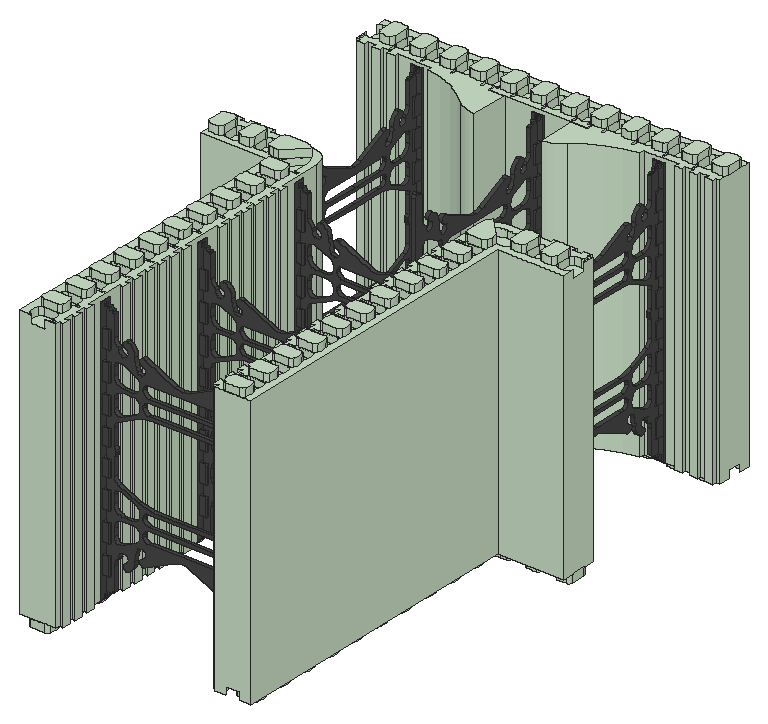
Revit family (continued)
Definition of nested family "NUDURA Diamond Pattern"
  Lines and regions (in)
    model lines
      curve 130: line (3.69709, -5.625, 5.85858) -> (3.35367, -5.625, 5.51517)
      curve 131: arc (4.17062, -5.625, 5.80178) -> (3.99384, -5.625, 5.875) -> (3.81706, -5.625, 5.80178) r 0.25
      curve 132: line (3.81706, -5.625, 5.80178) -> (3.44206, -5.625, 5.42678)
      curve 133: arc (3.44206, -5.625, 5.42678) -> (3.36884, -5.625, 5.25) -> (3.44206, -5.625, 5.07322) r 0.25
      curve 134: line (3.44206, -5.625, 5.07322) -> (3.81706, -5.625, 4.69822)
      curve 135: arc (3.81706, -5.625, 4.69822) -> (3.99384, -5.625, 4.625) -> (4.17062, -5.625, 4.69822) r 0.25
      curve 136: line (4.17062, -5.625, 4.69822) -> (4.54562, -5.625, 5.07322)
      curve 137: arc (4.54562, -5.625, 5.07322) -> (4.61884, -5.625, 5.25) -> (4.54562, -5.625, 5.42678) r 0.25
      curve 138: line (4.54562, -5.625, 5.42678) -> (4.17062, -5.625, 5.80178)
      curve 139: arc (3.69709, -5.625, 4.35858) -> (3.75567, -5.625, 4.5) -> (3.69709, -5.625, 4.64142) r 0.2
      curve 140: line (4.634, -5.625, 4.01517) -> (4.29059, -5.625, 4.35858)
      curve 141: arc (4.634, -5.625, 3.48484) -> (4.74384, -5.625, 3.75) -> (4.634, -5.625, 4.01517) r 0.375
      curve 142: line (4.29059, -5.625, 3.14142) -> (4.634, -5.625, 3.48484)
      curve 143: line (3.35367, -5.625, 3.48484) -> (3.69709, -5.625, 3.14142)
      curve 144: arc (3.35367, -5.625, 4.01517) -> (3.24384, -5.625, 3.75) -> (3.35367, -5.625, 3.48484) r 0.375
      curve 145: line (3.69709, -5.625, 4.35858) -> (3.35367, -5.625, 4.01517)
      curve 146: arc (4.17062, -5.625, 4.30178) -> (3.99384, -5.625, 4.375) -> (3.81706, -5.625, 4.30178) r 0.25
      curve 147: line (3.81706, -5.625, 4.30178) -> (3.44206, -5.625, 3.92678)
      curve 148: arc (3.44206, -5.625, 3.92678) -> (3.36884, -5.625, 3.75) -> (3.44206, -5.625, 3.57322) r 0.25
      curve 149: line (3.44206, -5.625, 3.57322) -> (3.81706, -5.625, 3.19822)
      curve 150: arc (3.81706, -5.625, 3.19822) -> (3.99384, -5.625, 3.125) -> (4.17062, -5.625, 3.19822) r 0.25
      curve 151: line (4.17062, -5.625, 3.19822) -> (4.54562, -5.625, 3.57322)
      curve 152: arc (4.54562, -5.625, 3.57322) -> (4.61884, -5.625, 3.75) -> (4.54562, -5.625, 3.92678) r 0.25
      curve 153: line (4.54562, -5.625, 3.92678) -> (4.17062, -5.625, 4.30178)
      curve 154: arc (3.69709, -5.625, 2.85858) -> (3.75567, -5.625, 3) -> (3.69709, -5.625, 3.14142) r 0.2
      curve 155: line (4.634, -5.625, 2.51517) -> (4.29059, -5.625, 2.85858)
      curve 156: arc (4.634, -5.625, 1.98484) -> (4.74384, -5.625, 2.25) -> (4.634, -5.625, 2.51517) r 0.375
      curve 157: line (4.29059, -5.625, 1.64142) -> (4.634, -5.625, 1.98484)
      curve 158: line (3.35367, -5.625, 1.98484) -> (3.69709, -5.625, 1.64142)
      curve 159: arc (3.35367, -5.625, 2.51517) -> (3.24384, -5.625, 2.25) -> (3.35367, -5.625, 1.98484) r 0.375
      curve 160: line (3.69709, -5.625, 2.85858) -> (3.35367, -5.625, 2.51517)
      curve 161: arc (4.17062, -5.625, 2.80178) -> (3.99384, -5.625, 2.875) -> (3.81706, -5.625, 2.80178) r 0.25
      curve 162: line (3.81706, -5.625, 2.80178) -> (3.44206, -5.625, 2.42678)
      curve 163: arc (3.44206, -5.625, 2.42678) -> (3.36884, -5.625, 2.25) -> (3.44206, -5.625, 2.07322) r 0.25
      curve 164: line (3.44206, -5.625, 2.07322) -> (3.81706, -5.625, 1.69822)
      curve 165: arc (3.81706, -5.625, 1.69822) -> (3.99384, -5.625, 1.625) -> (4.17062, -5.625, 1.69822) r 0.25
      curve 166: line (4.17062, -5.625, 1.69822) -> (4.54562, -5.625, 2.07322)
      curve 167: arc (4.54562, -5.625, 2.07322) -> (4.61884, -5.625, 2.25) -> (4.54562, -5.625, 2.42678) r 0.25
      curve 168: line (4.54562, -5.625, 2.42678) -> (4.17062, -5.625, 2.80178)
      curve 169: arc (3.69709, -5.625, 1.35858) -> (3.75567, -5.625, 1.5) -> (3.69709, -5.625, 1.64142) r 0.2
      curve 170: line (3.69709, -5.625, 1.35858) -> (3.35367, -5.625, 1.01517)
      curve 171: arc (3.35367, -5.625, 1.01517) -> (3.24384, -5.625, 0.75) -> (3.35367, -5.625, 0.48484) r 0.375
      curve 172: line (3.35367, -5.625, 0.48484) -> (3.72867, -5.625, 0.10984)
      curve 173: arc (3.72867, -5.625, 0.10984) -> (3.99384, -5.625, 0) -> (4.259, -5.625, 0.10984) r 0.375
      curve 174: line (4.259, -5.625, 0.10984) -> (4.634, -5.625, 0.48484)
      curve 175: arc (4.634, -5.625, 0.48484) -> (4.74384, -5.625, 0.75) -> (4.634, -5.625, 1.01517) r 0.375
      curve 176: line (4.634, -5.625, 1.01517) -> (4.29059, -5.625, 1.35858)
      curve 177: arc (4.29059, -5.625, 1.64142) -> (4.23201, -5.625, 1.5) -> (4.29059, -5.625, 1.35858) r 0.2
      curve 178: arc (4.17062, -5.625, 1.30178) -> (3.99384, -5.625, 1.375) -> (3.81706, -5.625, 1.30178) r 0.25
      curve 179: line (4.54562, -5.625, 0.92678) -> (4.17062, -5.625, 1.30178)
      curve 180: arc (4.54562, -5.625, 0.57322) -> (4.61884, -5.625, 0.75) -> (4.54562, -5.625, 0.92678) r 0.25
      curve 181: line (4.17062, -5.625, 0.19822) -> (4.54562, -5.625, 0.57322)
      curve 182: arc (3.81706, -5.625, 0.19822) -> (3.99384, -5.625, 0.125) -> (4.17062, -5.625, 0.19822) r 0.25
      curve 183: line (3.44206, -5.625, 0.57322) -> (3.81706, -5.625, 0.19822)
      curve 184: arc (3.44206, -5.625, 0.92678) -> (3.36884, -5.625, 0.75) -> (3.44206, -5.625, 0.57322) r 0.25
      curve 185: line (3.81706, -5.625, 1.30178) -> (3.44206, -5.625, 0.92678)
      curve 186: arc (4.29059, -5.625, 3.14142) -> (4.23201, -5.625, 3) -> (4.29059, -5.625, 2.85858) r 0.2
      curve 187: arc (4.29059, -5.625, 4.64142) -> (4.23201, -5.625, 4.5) -> (4.29059, -5.625, 4.35858) r 0.2
      curve 188: arc (4.29059, -5.625, 6.14142) -> (4.23201, -5.625, 6) -> (4.29059, -5.625, 5.85858) r 0.2
      curve 189: arc (4.29059, -5.625, 7.64142) -> (4.23201, -5.625, 7.5) -> (4.29059, -5.625, 7.35858) r 0.2
      curve 190: arc (4.29059, -5.625, 9.14142) -> (4.23201, -5.625, 9) -> (4.29059, -5.625, 8.85858) r 0.2
      curve 191: arc (4.29059, -5.625, 10.64142) -> (4.23201, -5.625, 10.5) -> (4.29059, -5.625, 10.35858) r 0.2
      curve 192: arc (4.29059, -5.625, 12.14142) -> (4.23201, -5.625, 12) -> (4.29059, -5.625, 11.85858) r 0.2
      curve 193: arc (4.29059, -5.625, 13.64142) -> (4.23201, -5.625, 13.5) -> (4.29059, -5.625, 13.35858) r 0.2
      curve 194: arc (4.29059, -5.625, 15.14142) -> (4.23201, -5.625, 15) -> (4.29059, -5.625, 14.85858) r 0.2
      curve 195: arc (4.29059, -5.625, 16.64142) -> (4.23201, -5.625, 16.5) -> (4.29059, -5.625, 16.35858) r 0.2
Definition of nested family "NUDURA Logo Diamond"
  Reference planes (in)
    plane 1 "Center (Front/Back)": y = 0
    plane 2: z = 0
    plane 3 "Center (Left/Right)": x = 0
  Lines and regions (in)
    model lines
      curve 1: line (12.59848, 0, 17.50104) -> (12.24492, 0, 17.85459)
      curve 2: line (12.36113, 0, 16.76872) -> (12.59848, 0, 17.00607)
      curve 3: line (12.59848, 0, 16.00104) -> (12.36113, 0, 16.23839)
      curve 4: line (12.36113, 0, 15.26872) -> (12.59848, 0, 15.50607)
      curve 5: line (12.59848, 0, 14.50104) -> (12.36113, 0, 14.73839)
      curve 6: line (12.36113, 0, 13.76872) -> (12.59848, 0, 14.00607)
      curve 7: line (12.17421, 0, 13.28388) -> (12.71208, 0, 12.74602)
      curve 8: line (12.71208, 0, 12.74602) -> (12.78279, 0, 12.81673)
      curve 9: line (11.28279, 0, 12.74602) -> (11.82066, 0, 13.28388)
      curve 10: line (11.63374, 0, 13.23839) -> (11.21208, 0, 12.81673)
      curve 11: line (11.3964, 0, 14.00607) -> (11.63374, 0, 13.76872)
      curve 12: line (11.63374, 0, 14.73839) -> (11.3964, 0, 14.50104)
      curve 13: line (11.3964, 0, 15.50607) -> (11.63374, 0, 15.26872)
      curve 14: line (11.63374, 0, 16.23839) -> (11.3964, 0, 16.00104)
      curve 15: line (11.3964, 0, 17.00607) -> (11.63374, 0, 16.76872)
      curve 16: line (11.74995, 0, 17.85459) -> (11.3964, 0, 17.50104)
      curve 17: line (11.82066, 0, 17.78388) -> (11.46711, 0, 17.43033)
      curve 18: line (12.52777, 0, 17.43033) -> (12.17421, 0, 17.78388)
      curve 19: line (12.17421, 0, 16.72322) -> (12.52777, 0, 17.07678)
      curve 20: line (11.46711, 0, 17.07678) -> (11.82066, 0, 16.72322)
      curve 21: arc (11.3964, 0, 17.50104) -> (11.29388, 0, 17.25355) -> (11.3964, 0, 17.00607) r 0.35
      curve 22: arc (11.74995, 0, 17.85459) -> (11.99744, 0, 17.95711) -> (12.24492, 0, 17.85459) r 0.35
      curve 23: arc (11.46711, 0, 17.43033) -> (11.39388, 0, 17.25355) -> (11.46711, 0, 17.07678) r 0.25
      curve 24: arc (12.52777, 0, 17.43033) -> (12.60099, 0, 17.25355) -> (12.52777, 0, 17.07678) r 0.25
      curve 25: arc (12.17421, 0, 16.72322) -> (11.99744, 0, 16.65) -> (11.82066, 0, 16.72322) r 0.25
      curve 26: arc (11.82066, 0, 17.78388) -> (11.99744, 0, 17.85711) -> (12.17421, 0, 17.78388) r 0.25
      curve 27: arc (12.59848, 0, 17.50104) -> (12.70099, 0, 17.25355) -> (12.59848, 0, 17.00607) r 0.35
      curve 28: arc (11.63374, 0, 16.76872) -> (11.74358, 0, 16.50355) -> (11.63374, 0, 16.23839) r 0.375
      curve 29: arc (12.36113, 0, 16.76872) -> (12.2513, 0, 16.50355) -> (12.36113, 0, 16.23839) r 0.375
      curve 30: line (12.36113, 0, 15.26872) -> (12.59848, 0, 15.50607)
      curve 31: line (11.3964, 0, 15.50607) -> (11.63374, 0, 15.26872)
      curve 32: line (11.82066, 0, 16.28388) -> (11.46711, 0, 15.93033)
      curve 33: line (12.52777, 0, 15.93033) -> (12.17421, 0, 16.28388)
      curve 34: line (12.17421, 0, 15.22322) -> (12.52777, 0, 15.57678)
      curve 35: line (11.46711, 0, 15.57678) -> (11.82066, 0, 15.22322)
      curve 36: arc (11.3964, 0, 16.00104) -> (11.29388, 0, 15.75355) -> (11.3964, 0, 15.50607) r 0.35
      curve 37: arc (11.46711, 0, 15.93033) -> (11.39388, 0, 15.75355) -> (11.46711, 0, 15.57678) r 0.25
      curve 38: arc (12.52777, 0, 15.93033) -> (12.60099, 0, 15.75355) -> (12.52777, 0, 15.57678) r 0.25
      curve 39: arc (12.17421, 0, 15.22322) -> (11.99744, 0, 15.15) -> (11.82066, 0, 15.22322) r 0.25
      curve 40: arc (11.82066, 0, 16.28388) -> (11.99744, 0, 16.35711) -> (12.17421, 0, 16.28388) r 0.25
      curve 41: arc (12.59848, 0, 16.00104) -> (12.70099, 0, 15.75355) -> (12.59848, 0, 15.50607) r 0.35
      curve 42: line (11.63374, 0, 16.23839) -> (11.3964, 0, 16.00104)
      curve 43: line (12.59848, 0, 16.00104) -> (12.36113, 0, 16.23839)
      curve 44: arc (11.63374, 0, 15.26872) -> (11.74358, 0, 15.00355) -> (11.63374, 0, 14.73839) r 0.375
      curve 45: arc (12.36113, 0, 15.26872) -> (12.2513, 0, 15.00355) -> (12.36113, 0, 14.73839) r 0.375
      curve 46: line (12.36113, 0, 13.76872) -> (12.59848, 0, 14.00607)
      curve 47: line (11.3964, 0, 14.00607) -> (11.63374, 0, 13.76872)
      curve 48: line (11.82066, 0, 14.78388) -> (11.46711, 0, 14.43033)
      curve 49: line (12.52777, 0, 14.43033) -> (12.17421, 0, 14.78388)
      curve 50: line (12.17421, 0, 13.72322) -> (12.52777, 0, 14.07678)
      curve 51: line (11.46711, 0, 14.07678) -> (11.82066, 0, 13.72322)
      curve 52: arc (11.3964, 0, 14.50104) -> (11.29388, 0, 14.25355) -> (11.3964, 0, 14.00607) r 0.35
      curve 53: arc (11.46711, 0, 14.43033) -> (11.39388, 0, 14.25355) -> (11.46711, 0, 14.07678) r 0.25
      curve 54: arc (12.52777, 0, 14.43033) -> (12.60099, 0, 14.25355) -> (12.52777, 0, 14.07678) r 0.25
      curve 55: arc (12.17421, 0, 13.72322) -> (11.99744, 0, 13.65) -> (11.82066, 0, 13.72322) r 0.25
      curve 56: arc (11.82066, 0, 14.78388) -> (11.99744, 0, 14.85711) -> (12.17421, 0, 14.78388) r 0.25
      curve 57: arc (12.59848, 0, 14.50104) -> (12.70099, 0, 14.25355) -> (12.59848, 0, 14.00607) r 0.35
      curve 58: line (11.63374, 0, 14.73839) -> (11.3964, 0, 14.50104)
      curve 59: arc (11.63374, 0, 13.76872) -> (11.74358, 0, 13.50355) -> (11.63374, 0, 13.23839) r 0.375
      curve 60: arc (12.36113, 0, 13.76872) -> (12.2513, 0, 13.50355) -> (12.36113, 0, 13.23839) r 0.375
      curve 61: line (12.78279, 0, 12.81673) -> (12.36113, 0, 13.23839)
      curve 62: line (11.21208, 0, 12.81673) -> (11.28279, 0, 12.74602)
      curve 63: arc (11.82066, 0, 13.28388) -> (11.99744, 0, 13.35711) -> (12.17421, 0, 13.28388) r 0.25
      curve 64: line (12.59848, 0, 0.50607) -> (12.24492, 0, 0.15251)
      curve 65: line (12.36113, 0, 1.23839) -> (12.59848, 0, 1.00104)
      curve 66: line (12.59848, 0, 2.00607) -> (12.36113, 0, 1.76872)
      curve 67: line (12.36113, 0, 2.73839) -> (12.59848, 0, 2.50104)
      curve 68: line (12.59848, 0, 3.50607) -> (12.36113, 0, 3.26872)
      curve 69: line (12.36113, 0, 4.23839) -> (12.59848, 0, 4.00104)
      curve 70: line (12.17421, 0, 4.72322) -> (12.71208, 0, 5.26109)
      curve 71: line (12.71208, 0, 5.26109) -> (12.78279, 0, 5.19038)
      curve 72: line (11.28279, 0, 5.26109) -> (11.82066, 0, 4.72322)
      curve 73: line (11.63374, 0, 4.76872) -> (11.21208, 0, 5.19038)
      curve 74: line (11.3964, 0, 4.00104) -> (11.63374, 0, 4.23839)
      curve 75: line (11.63374, 0, 3.26872) -> (11.3964, 0, 3.50607)
      curve 76: line (11.3964, 0, 2.50104) -> (11.63374, 0, 2.73839)
      curve 77: line (11.63374, 0, 1.76872) -> (11.3964, 0, 2.00607)
      curve 78: line (11.3964, 0, 1.00104) -> (11.63374, 0, 1.23839)
      curve 79: line (11.74995, 0, 0.15251) -> (11.3964, 0, 0.50607)
      curve 80: line (11.82066, 0, 0.22322) -> (11.46711, 0, 0.57678)
      curve 81: line (12.52777, 0, 0.57678) -> (12.17421, 0, 0.22322)
      curve 82: line (12.17421, 0, 1.28388) -> (12.52777, 0, 0.93033)
      curve 83: line (11.46711, 0, 0.93033) -> (11.82066, 0, 1.28388)
      curve 84: arc (11.3964, 0, 0.50607) -> (11.29388, 0, 0.75355) -> (11.3964, 0, 1.00104) r 0.35
      curve 85: arc (11.74995, 0, 0.15251) -> (11.99744, 0, 0.05) -> (12.24492, 0, 0.15251) r 0.35
      curve 86: arc (11.46711, 0, 0.57678) -> (11.39388, 0, 0.75355) -> (11.46711, 0, 0.93033) r 0.25
      curve 87: arc (12.52777, 0, 0.57678) -> (12.60099, 0, 0.75355) -> (12.52777, 0, 0.93033) r 0.25
      curve 88: arc (12.17421, 0, 1.28388) -> (11.99744, 0, 1.35711) -> (11.82066, 0, 1.28388) r 0.25
      curve 89: arc (11.82066, 0, 0.22322) -> (11.99744, 0, 0.15) -> (12.17421, 0, 0.22322) r 0.25
      curve 90: arc (12.59848, 0, 0.50607) -> (12.70099, 0, 0.75355) -> (12.59848, 0, 1.00104) r 0.35
      curve 91: arc (11.63374, 0, 1.23839) -> (11.74358, 0, 1.50355) -> (11.63374, 0, 1.76872) r 0.375
      curve 92: arc (12.36113, 0, 1.23839) -> (12.2513, 0, 1.50355) -> (12.36113, 0, 1.76872) r 0.375
      curve 93: line (12.36113, 0, 2.73839) -> (12.59848, 0, 2.50104)
      curve 94: line (11.3964, 0, 2.50104) -> (11.63374, 0, 2.73839)
      curve 95: line (11.82066, 0, 1.72322) -> (11.46711, 0, 2.07678)
      curve 96: line (12.52777, 0, 2.07678) -> (12.17421, 0, 1.72322)
      curve 97: line (12.17421, 0, 2.78388) -> (12.52777, 0, 2.43033)
      curve 98: line (11.46711, 0, 2.43033) -> (11.82066, 0, 2.78388)
      curve 99: arc (11.3964, 0, 2.00607) -> (11.29388, 0, 2.25355) -> (11.3964, 0, 2.50104) r 0.35
      curve 100: arc (11.46711, 0, 2.07678) -> (11.39388, 0, 2.25355) -> (11.46711, 0, 2.43033) r 0.25
      curve 101: arc (12.52777, 0, 2.07678) -> (12.60099, 0, 2.25355) -> (12.52777, 0, 2.43033) r 0.25
      curve 102: arc (12.17421, 0, 2.78388) -> (11.99744, 0, 2.85711) -> (11.82066, 0, 2.78388) r 0.25
      curve 103: arc (11.82066, 0, 1.72322) -> (11.99744, 0, 1.65) -> (12.17421, 0, 1.72322) r 0.25
      curve 104: arc (12.59848, 0, 2.00607) -> (12.70099, 0, 2.25355) -> (12.59848, 0, 2.50104) r 0.35
      curve 105: line (11.63374, 0, 1.76872) -> (11.3964, 0, 2.00607)
      curve 106: line (12.59848, 0, 2.00607) -> (12.36113, 0, 1.76872)
      curve 107: arc (11.63374, 0, 2.73839) -> (11.74358, 0, 3.00355) -> (11.63374, 0, 3.26872) r 0.375
      curve 108: arc (12.36113, 0, 2.73839) -> (12.2513, 0, 3.00355) -> (12.36113, 0, 3.26872) r 0.375
      curve 109: line (12.36113, 0, 4.23839) -> (12.59848, 0, 4.00104)
      curve 110: line (11.3964, 0, 4.00104) -> (11.63374, 0, 4.23839)
      curve 111: line (11.82066, 0, 3.22322) -> (11.46711, 0, 3.57678)
      curve 112: line (12.52777, 0, 3.57678) -> (12.17421, 0, 3.22322)
      curve 113: line (12.17421, 0, 4.28388) -> (12.52777, 0, 3.93033)
      curve 114: line (11.46711, 0, 3.93033) -> (11.82066, 0, 4.28388)
      curve 115: arc (11.3964, 0, 3.50607) -> (11.29388, 0, 3.75355) -> (11.3964, 0, 4.00104) r 0.35
      curve 116: arc (11.46711, 0, 3.57678) -> (11.39388, 0, 3.75355) -> (11.46711, 0, 3.93033) r 0.25
      curve 117: arc (12.52777, 0, 3.57678) -> (12.60099, 0, 3.75355) -> (12.52777, 0, 3.93033) r 0.25
      curve 118: arc (12.17421, 0, 4.28388) -> (11.99744, 0, 4.35711) -> (11.82066, 0, 4.28388) r 0.25
      curve 119: arc (11.82066, 0, 3.22322) -> (11.99744, 0, 3.15) -> (12.17421, 0, 3.22322) r 0.25
      curve 120: arc (12.59848, 0, 3.50607) -> (12.70099, 0, 3.75355) -> (12.59848, 0, 4.00104) r 0.35
      curve 121: line (11.63374, 0, 3.26872) -> (11.3964, 0, 3.50607)
      curve 122: arc (11.63374, 0, 4.23839) -> (11.74358, 0, 4.50355) -> (11.63374, 0, 4.76872) r 0.375
      curve 123: arc (12.36113, 0, 4.23839) -> (12.2513, 0, 4.50355) -> (12.36113, 0, 4.76872) r 0.375
      curve 124: line (12.78279, 0, 5.19038) -> (12.36113, 0, 4.76872)
      curve 125: line (11.21208, 0, 5.19038) -> (11.28279, 0, 5.26109)
      curve 126: arc (11.82066, 0, 4.72322) -> (11.99744, 0, 4.65) -> (12.17421, 0, 4.72322) r 0.25
      curve 127: line (12.37244, 0, 12.50355) -> (11.62244, 0, 12.50355)
      curve 128: line (12.74744, 0, 5.87855) -> (12.74744, 0, 12.12855)
      curve 129: line (11.24744, 0, 12.12855) -> (11.24744, 0, 5.87855)
      curve 130: line (11.62244, 0, 5.50355) -> (12.37244, 0, 5.50355)
      curve 131: line (12.47232, 0, 12.00355) -> (12.0393, 0, 12.25355)
      curve 132: line (12.47232, 0, 11.50355) -> (12.47232, 0, 12.00355)
      curve 133: line (12.25581, 0, 11.37855) -> (12.47232, 0, 11.50355)
      curve 134: line (12.02256, 0, 11.51322) -> (12.25581, 0, 11.37855)
      curve 135: line (12.22232, 0, 11.62855) -> (12.02256, 0, 11.51322)
      curve 136: line (11.80605, 0, 12.11888) -> (12.22232, 0, 11.87855)
      curve 137: line (12.22232, 0, 11.87855) -> (12.22232, 0, 11.62855)
      curve 138: line (12.0393, 0, 12.25355) -> (11.80605, 0, 12.11888)
      curve 139: line (11.77256, 0, 11.63822) -> (11.97232, 0, 11.75355)
      curve 140: line (11.97232, 0, 11.75355) -> (11.73906, 0, 11.88822)
      curve 141: line (11.73906, 0, 11.88822) -> (11.52256, 0, 11.76322)
      curve 142: line (11.52256, 0, 11.76322) -> (11.52256, 0, 11.26322)
      curve 143: line (11.77256, 0, 11.38822) -> (11.77256, 0, 11.63822)
      curve 144: line (12.18882, 0, 11.14789) -> (11.77256, 0, 11.38822)
      curve 145: line (11.95557, 0, 11.01322) -> (12.18882, 0, 11.14789)
      curve 146: line (11.52256, 0, 11.26322) -> (11.95557, 0, 11.01322)
      curve 147: line (12.31108, 0, 10.60411) -> (11.68379, 0, 10.74458)
      curve 148: line (11.68379, 0, 10.74458) -> (11.68379, 0, 10.51321)
      curve 149: line (11.68379, 0, 10.51321) -> (12.1295, 0, 10.41405)
      curve 150: line (12.1295, 0, 10.41405) -> (11.68379, 0, 10.27358)
      curve 151: line (11.68379, 0, 10.27358) -> (11.68379, 0, 9.8852)
      curve 152: line (11.68379, 0, 9.8852) -> (12.17077, 0, 9.77615)
      curve 153: line (12.17077, 0, 9.77615) -> (12.17077, 0, 9.74472)
      curve 154: line (12.17077, 0, 9.74472) -> (11.86146, 0, 9.80279)
      curve 155: line (11.68379, 0, 9.65536) -> (11.68379, 0, 9.35864)
      curve 156: line (12.07077, 0, 8.74385) -> (12.07077, 0, 8.99996)
      curve 157: line (12.07077, 0, 8.99996) -> (11.68379, 0, 9.08605)
      curve 158: line (11.68379, 0, 9.08605) -> (11.68379, 0, 8.47809)
      curve 159: line (11.91823, 0, 9.06589) -> (12.31108, 0, 8.97792)
      curve 160: line (11.82444, 0, 8.55476) -> (11.82444, 0, 8.79865)
      curve 161: line (11.82444, 0, 8.79865) -> (12.07077, 0, 8.74385)
      curve 162: line (11.68379, 0, 8.07193) -> (11.68379, 0, 7.77522)
      curve 163: line (11.91823, 0, 7.48247) -> (12.21108, 0, 7.41688)
      curve 164: line (12.21108, 0, 7.41688) -> (12.21108, 0, 6.95405)
      curve 165: line (12.16108, 0, 6.90405) -> (12.12077, 0, 6.90405)
      curve 166: line (12.07077, 0, 6.95405) -> (12.07077, 0, 7.08675)
      curve 167: line (12.07077, 0, 7.08675) -> (12.12077, 0, 7.07556)
      curve 168: line (12.12077, 0, 7.07556) -> (12.12077, 0, 7.33463)
      curve 169: line (12.12077, 0, 7.33463) -> (11.68379, 0, 7.43249)
      curve 170: line (11.68379, 0, 7.43249) -> (11.68379, 0, 7.17341)
      curve 171: line (11.68379, 0, 7.17341) -> (11.97077, 0, 7.10915)
      curve 172: line (11.97077, 0, 7.10915) -> (11.97077, 0, 6.99425)
      curve 173: line (11.92077, 0, 6.94425) -> (11.68379, 0, 6.94425)
      curve 174: line (11.68379, 0, 6.94425) -> (11.68379, 0, 6.45682)
      curve 175: line (11.68379, 0, 6.45682) -> (11.78284, 0, 6.38658)
      curve 176: line (11.78284, 0, 6.38658) -> (11.78284, 0, 6.05178)
      curve 177: line (12.12371, 0, 6.14486) -> (11.88284, 0, 6.31567)
      curve 178: line (11.88284, 0, 6.31567) -> (11.88284, 0, 6.07909)
      curve 179: line (11.88284, 0, 6.07909) -> (12.12371, 0, 6.14486)
      curve 180: line (11.78284, 0, 6.05178) -> (11.68379, 0, 6.02474)
      curve 181: line (11.68379, 0, 6.02474) -> (11.68379, 0, 5.75355)
      curve 182: line (11.68379, 0, 5.75355) -> (12.31108, 0, 5.92483)
      curve 183: line (12.31108, 0, 5.92483) -> (12.31108, 0, 6.28791)
      curve 184: line (12.31108, 0, 6.28791) -> (11.76249, 0, 6.67694)
      curve 185: line (11.76249, 0, 6.67694) -> (11.90321, 0, 6.67694)
      curve 186: line (12.31108, 0, 6.78674) -> (12.31108, 0, 7.63562)
      curve 187: line (12.31108, 0, 7.63562) -> (11.90258, 0, 7.7271)
      curve 188: line (11.82444, 0, 7.82469) -> (11.82444, 0, 7.92839)
      curve 189: line (11.88536, 0, 7.97718) -> (12.31108, 0, 7.88185)
      curve 190: line (12.31108, 0, 7.88185) -> (12.31108, 0, 8.13496)
      curve 191: line (12.31108, 0, 8.13496) -> (12.08042, 0, 8.17826)
      curve 192: line (12.31108, 0, 8.38353) -> (12.31108, 0, 8.9465)
      curve 193: line (12.31108, 0, 8.9465) -> (12.17077, 0, 8.97771)
      curve 194: line (12.17077, 0, 8.97771) -> (12.17077, 0, 8.55476)
      curve 195: line (12.31108, 0, 8.97792) -> (12.31108, 0, 9.21905)
      curve 196: line (12.31108, 0, 9.21905) -> (11.90258, 0, 9.31053)
      curve 197: line (11.82444, 0, 9.40811) -> (11.82444, 0, 9.51182)
      curve 198: line (11.87938, 0, 9.56195) -> (12.31108, 0, 9.46528)
      curve 199: line (12.31108, 0, 9.46528) -> (12.31108, 0, 9.98469)
      curve 200: line (12.31108, 0, 9.98469) -> (11.90664, 0, 10.07526)
      curve 201: line (11.90664, 0, 10.07526) -> (12.31108, 0, 10.20747)
      curve 202: line (12.31108, 0, 10.20747) -> (12.31108, 0, 10.60411)
      curve 203: arc (11.68379, 0, 9.65536) -> (11.73801, 0, 9.7708) -> (11.86146, 0, 9.80279) r 0.15
      curve 204: arc (11.68379, 0, 9.35864) -> (11.74962, 0, 9.17112) -> (11.91823, 0, 9.06589) r 0.3
      curve 205: arc (11.84417, 0, 8.22149) -> (11.72718, 0, 8.32679) -> (11.68379, 0, 8.47809) r 0.28547
      curve 206: arc (11.68379, 0, 8.07193) -> (11.73147, 0, 8.18158) -> (11.84417, 0, 8.22149) r 0.14992
      curve 207: arc (11.68379, 0, 7.77522) -> (11.74962, 0, 7.58769) -> (11.91823, 0, 7.48247) r 0.3
      curve 208: arc (11.82444, 0, 7.82469) -> (11.84638, 0, 7.76218) -> (11.90258, 0, 7.7271) r 0.1
      curve 209: arc (11.82444, 0, 7.92839) -> (11.84318, 0, 7.96742) -> (11.88536, 0, 7.97718) r 0.05
      curve 210: arc (12.12077, 0, 6.90405) -> (12.08541, 0, 6.91869) -> (12.07077, 0, 6.95405) r 0.05
      curve 211: arc (12.16108, 0, 6.90405) -> (12.19644, 0, 6.91869) -> (12.21108, 0, 6.95405) r 0.05
      curve 212: arc (11.97077, 0, 6.99425) -> (11.95612, 0, 6.95889) -> (11.92077, 0, 6.94425) r 0.05
      curve 213: arc (11.90321, 0, 6.67694) -> (11.96756, 0, 6.70069) -> (12.00104, 0, 6.76055) r 0.09904
      curve 214: arc (12.00104, 0, 6.76055) -> (12.1681, 0, 6.63117) -> (12.31108, 0, 6.78674) r 0.15613
      curve 215: arc (12.08042, 0, 8.17826) -> (12.24181, 0, 8.22914) -> (12.31108, 0, 8.38353) r 0.20667
      curve 216: arc (11.82444, 0, 8.55476) -> (11.9976, 0, 8.3816) -> (12.17077, 0, 8.55476) r 0.17317
      curve 217: arc (11.82444, 0, 9.40811) -> (11.84638, 0, 9.34561) -> (11.90258, 0, 9.31053) r 0.1
      curve 218: arc (11.82444, 0, 9.51182) -> (11.8459, 0, 9.55306) -> (11.892, 0, 9.55913) r 0.05034
      curve 219: arc (11.24744, 0, 12.12855) -> (11.35727, 0, 12.39372) -> (11.62244, 0, 12.50355) r 0.375
      curve 220: arc (12.37244, 0, 12.50355) -> (12.6376, 0, 12.39372) -> (12.74744, 0, 12.12855) r 0.375
      curve 221: arc (11.24744, 0, 5.87855) -> (11.35727, 0, 5.61339) -> (11.62244, 0, 5.50355) r 0.375
      curve 222: arc (12.37244, 0, 5.50355) -> (12.6376, 0, 5.61339) -> (12.74744, 0, 5.87855) r 0.375
      curve 223: line (9.99744, 0, 18) -> (9.99744, 0, 0)
      curve 224: line (13.99744, 0, 18) -> (13.99744, 0, 0)
      curve 225: line (15.99744, 0, 18) -> (15.99744, 0, 0)
Definition of nested family "NUDURA Diamond Pattern Missing Two Lines"
  Reference planes (in)
    plane 1 "Center (Front/Back)": y = 0
    plane 2: z = 0
    plane 3 "Center (Left/Right)": x = 0
    plane 4: z = 18
  Lines and regions (in)
    model lines
      curve 1: line (2, -5.625, 18) -> (2, -5.625, 0)
      curve 2: line (3.35367, -5.625, 16.98484) -> (3.69709, -5.625, 16.64142)
      curve 3: arc (3.35367, -5.625, 17.51517) -> (3.24384, -5.625, 17.25) -> (3.35367, -5.625, 16.98484) r 0.375
      curve 4: line (3.72867, -5.625, 17.89017) -> (3.35367, -5.625, 17.51517)
      curve 5: arc (4.259, -5.625, 17.89017) -> (3.99384, -5.625, 18) -> (3.72867, -5.625, 17.89017) r 0.375
      curve 6: line (4.634, -5.625, 17.51517) -> (4.259, -5.625, 17.89017)
      curve 7: arc (4.634, -5.625, 16.98484) -> (4.74384, -5.625, 17.25) -> (4.634, -5.625, 17.51517) r 0.375
      curve 8: line (4.29059, -5.625, 16.64142) -> (4.634, -5.625, 16.98484)
      curve 9: arc (4.17062, -5.625, 17.80178) -> (3.99384, -5.625, 17.875) -> (3.81706, -5.625, 17.80178) r 0.25
      curve 10: line (4.54562, -5.625, 17.42678) -> (4.17062, -5.625, 17.80178)
      curve 11: arc (4.54562, -5.625, 17.07322) -> (4.61884, -5.625, 17.25) -> (4.54562, -5.625, 17.42678) r 0.25
      curve 12: line (4.17062, -5.625, 16.69822) -> (4.54562, -5.625, 17.07322)
      curve 13: arc (3.81706, -5.625, 16.69822) -> (3.99384, -5.625, 16.625) -> (4.17062, -5.625, 16.69822) r 0.25
      curve 14: line (3.44206, -5.625, 17.07322) -> (3.81706, -5.625, 16.69822)
      curve 15: arc (3.44206, -5.625, 17.42678) -> (3.36884, -5.625, 17.25) -> (3.44206, -5.625, 17.07322) r 0.25
      curve 16: line (3.81706, -5.625, 17.80178) -> (3.44206, -5.625, 17.42678)
      curve 17: arc (3.69709, -5.625, 16.35858) -> (3.75567, -5.625, 16.5) -> (3.69709, -5.625, 16.64142) r 0.2
      curve 18: line (4.634, -5.625, 16.01517) -> (4.29059, -5.625, 16.35858)
      curve 19: arc (4.634, -5.625, 15.48484) -> (4.74384, -5.625, 15.75) -> (4.634, -5.625, 16.01517) r 0.375
      curve 20: line (4.29059, -5.625, 15.14142) -> (4.634, -5.625, 15.48484)
      curve 21: line (3.35367, -5.625, 15.48484) -> (3.69709, -5.625, 15.14142)
      curve 22: arc (3.35367, -5.625, 16.01517) -> (3.24384, -5.625, 15.75) -> (3.35367, -5.625, 15.48484) r 0.375
      curve 23: line (3.69709, -5.625, 16.35858) -> (3.35367, -5.625, 16.01517)
      curve 24: arc (4.17062, -5.625, 16.30178) -> (3.99384, -5.625, 16.375) -> (3.81706, -5.625, 16.30178) r 0.25
      curve 25: line (3.81706, -5.625, 16.30178) -> (3.44206, -5.625, 15.92678)
      curve 26: arc (3.44206, -5.625, 15.92678) -> (3.36884, -5.625, 15.75) -> (3.44206, -5.625, 15.57322) r 0.25
      curve 27: line (3.44206, -5.625, 15.57322) -> (3.81706, -5.625, 15.19822)
      curve 28: arc (3.81706, -5.625, 15.19822) -> (3.99384, -5.625, 15.125) -> (4.17062, -5.625, 15.19822) r 0.25
      curve 29: line (4.17062, -5.625, 15.19822) -> (4.54562, -5.625, 15.57322)
      curve 30: arc (4.54562, -5.625, 15.57322) -> (4.61884, -5.625, 15.75) -> (4.54562, -5.625, 15.92678) r 0.25
      curve 31: line (4.54562, -5.625, 15.92678) -> (4.17062, -5.625, 16.30178)
      curve 32: arc (3.69709, -5.625, 14.85858) -> (3.75567, -5.625, 15) -> (3.69709, -5.625, 15.14142) r 0.2
      curve 33: line (4.634, -5.625, 14.51517) -> (4.29059, -5.625, 14.85858)
      curve 34: arc (4.634, -5.625, 13.98484) -> (4.74384, -5.625, 14.25) -> (4.634, -5.625, 14.51517) r 0.375
      curve 35: line (4.29059, -5.625, 13.64142) -> (4.634, -5.625, 13.98484)
      curve 36: line (3.35367, -5.625, 13.98484) -> (3.69709, -5.625, 13.64142)
      curve 37: arc (3.35367, -5.625, 14.51517) -> (3.24384, -5.625, 14.25) -> (3.35367, -5.625, 13.98484) r 0.375
      curve 38: line (3.69709, -5.625, 14.85858) -> (3.35367, -5.625, 14.51517)
      curve 39: arc (4.17062, -5.625, 14.80178) -> (3.99384, -5.625, 14.875) -> (3.81706, -5.625, 14.80178) r 0.25
      curve 40: line (3.81706, -5.625, 14.80178) -> (3.44206, -5.625, 14.42678)
      curve 41: arc (3.44206, -5.625, 14.42678) -> (3.36884, -5.625, 14.25) -> (3.44206, -5.625, 14.07322) r 0.25
      curve 42: line (3.44206, -5.625, 14.07322) -> (3.81706, -5.625, 13.69822)
      curve 43: arc (3.81706, -5.625, 13.69822) -> (3.99384, -5.625, 13.625) -> (4.17062, -5.625, 13.69822) r 0.25
      curve 44: line (4.17062, -5.625, 13.69822) -> (4.54562, -5.625, 14.07322)
      curve 45: arc (4.54562, -5.625, 14.07322) -> (4.61884, -5.625, 14.25) -> (4.54562, -5.625, 14.42678) r 0.25
      curve 46: line (4.54562, -5.625, 14.42678) -> (4.17062, -5.625, 14.80178)
      curve 47: arc (3.69709, -5.625, 13.35858) -> (3.75567, -5.625, 13.5) -> (3.69709, -5.625, 13.64142) r 0.2
      curve 48: line (4.634, -5.625, 13.01517) -> (4.29059, -5.625, 13.35858)
      curve 49: arc (4.634, -5.625, 12.48484) -> (4.74384, -5.625, 12.75) -> (4.634, -5.625, 13.01517) r 0.375
      curve 50: line (4.29059, -5.625, 12.14142) -> (4.634, -5.625, 12.48484)
      curve 51: line (3.35367, -5.625, 12.48484) -> (3.69709, -5.625, 12.14142)
      curve 52: arc (3.35367, -5.625, 13.01517) -> (3.24384, -5.625, 12.75) -> (3.35367, -5.625, 12.48484) r 0.375
      curve 53: line (3.69709, -5.625, 13.35858) -> (3.35367, -5.625, 13.01517)
      curve 54: arc (4.17062, -5.625, 13.30178) -> (3.99384, -5.625, 13.375) -> (3.81706, -5.625, 13.30178) r 0.25
      curve 55: line (3.81706, -5.625, 13.30178) -> (3.44206, -5.625, 12.92678)
      curve 56: arc (3.44206, -5.625, 12.92678) -> (3.36884, -5.625, 12.75) -> (3.44206, -5.625, 12.57322) r 0.25
      curve 57: line (3.44206, -5.625, 12.57322) -> (3.81706, -5.625, 12.19822)
      curve 58: arc (3.81706, -5.625, 12.19822) -> (3.99384, -5.625, 12.125) -> (4.17062, -5.625, 12.19822) r 0.25
      curve 59: line (4.17062, -5.625, 12.19822) -> (4.54562, -5.625, 12.57322)
      curve 60: arc (4.54562, -5.625, 12.57322) -> (4.61884, -5.625, 12.75) -> (4.54562, -5.625, 12.92678) r 0.25
      curve 61: line (4.54562, -5.625, 12.92678) -> (4.17062, -5.625, 13.30178)
      curve 62: arc (3.69709, -5.625, 11.85858) -> (3.75567, -5.625, 12) -> (3.69709, -5.625, 12.14142) r 0.2
      curve 63: line (4.634, -5.625, 11.51517) -> (4.29059, -5.625, 11.85858)
      curve 64: arc (4.634, -5.625, 10.98484) -> (4.74384, -5.625, 11.25) -> (4.634, -5.625, 11.51517) r 0.375
      curve 65: line (4.29059, -5.625, 10.64142) -> (4.634, -5.625, 10.98484)
      curve 66: line (3.35367, -5.625, 10.98484) -> (3.69709, -5.625, 10.64142)
      curve 67: arc (3.35367, -5.625, 11.51517) -> (3.24384, -5.625, 11.25) -> (3.35367, -5.625, 10.98484) r 0.375
      curve 68: line (3.69709, -5.625, 11.85858) -> (3.35367, -5.625, 11.51517)
      curve 69: arc (4.17062, -5.625, 11.80178) -> (3.99384, -5.625, 11.875) -> (3.81706, -5.625, 11.80178) r 0.25
      curve 70: line (3.81706, -5.625, 11.80178) -> (3.44206, -5.625, 11.42678)
      curve 71: arc (3.44206, -5.625, 11.42678) -> (3.36884, -5.625, 11.25) -> (3.44206, -5.625, 11.07322) r 0.25
      curve 72: line (3.44206, -5.625, 11.07322) -> (3.81706, -5.625, 10.69822)
      curve 73: arc (3.81706, -5.625, 10.69822) -> (3.99384, -5.625, 10.625) -> (4.17062, -5.625, 10.69822) r 0.25
      curve 74: line (4.17062, -5.625, 10.69822) -> (4.54562, -5.625, 11.07322)
      curve 75: arc (4.54562, -5.625, 11.07322) -> (4.61884, -5.625, 11.25) -> (4.54562, -5.625, 11.42678) r 0.25
      curve 76: line (4.54562, -5.625, 11.42678) -> (4.17062, -5.625, 11.80178)
      curve 77: arc (3.69709, -5.625, 10.35858) -> (3.75567, -5.625, 10.5) -> (3.69709, -5.625, 10.64142) r 0.2
      curve 78: line (4.634, -5.625, 10.01517) -> (4.29059, -5.625, 10.35858)
      curve 79: arc (4.634, -5.625, 9.48484) -> (4.74384, -5.625, 9.75) -> (4.634, -5.625, 10.01517) r 0.375
      curve 80: line (4.29059, -5.625, 9.14142) -> (4.634, -5.625, 9.48484)
      curve 81: line (3.35367, -5.625, 9.48484) -> (3.69709, -5.625, 9.14142)
      curve 82: arc (3.35367, -5.625, 10.01517) -> (3.24384, -5.625, 9.75) -> (3.35367, -5.625, 9.48484) r 0.375
      curve 83: line (3.69709, -5.625, 10.35858) -> (3.35367, -5.625, 10.01517)
      curve 84: arc (4.17062, -5.625, 10.30178) -> (3.99384, -5.625, 10.375) -> (3.81706, -5.625, 10.30178) r 0.25
      curve 85: line (3.81706, -5.625, 10.30178) -> (3.44206, -5.625, 9.92678)
      curve 86: arc (3.44206, -5.625, 9.92678) -> (3.36884, -5.625, 9.75) -> (3.44206, -5.625, 9.57322) r 0.25
      curve 87: line (3.44206, -5.625, 9.57322) -> (3.81706, -5.625, 9.19822)
      curve 88: arc (3.81706, -5.625, 9.19822) -> (3.99384, -5.625, 9.125) -> (4.17062, -5.625, 9.19822) r 0.25
      curve 89: line (4.17062, -5.625, 9.19822) -> (4.54562, -5.625, 9.57322)
      curve 90: arc (4.54562, -5.625, 9.57322) -> (4.61884, -5.625, 9.75) -> (4.54562, -5.625, 9.92678) r 0.25
      curve 91: line (4.54562, -5.625, 9.92678) -> (4.17062, -5.625, 10.30178)
      curve 92: arc (3.69709, -5.625, 8.85858) -> (3.75567, -5.625, 9) -> (3.69709, -5.625, 9.14142) r 0.2
      curve 93: line (4.634, -5.625, 8.51517) -> (4.29059, -5.625, 8.85858)
      curve 94: arc (4.634, -5.625, 7.98484) -> (4.74384, -5.625, 8.25) -> (4.634, -5.625, 8.51517) r 0.375
      curve 95: line (4.29059, -5.625, 7.64142) -> (4.634, -5.625, 7.98484)
      curve 96: line (3.35367, -5.625, 7.98484) -> (3.69709, -5.625, 7.64142)
      curve 97: arc (3.35367, -5.625, 8.51517) -> (3.24384, -5.625, 8.25) -> (3.35367, -5.625, 7.98484) r 0.375
      curve 98: line (3.69709, -5.625, 8.85858) -> (3.35367, -5.625, 8.51517)
      curve 99: arc (4.17062, -5.625, 8.80178) -> (3.99384, -5.625, 8.875) -> (3.81706, -5.625, 8.80178) r 0.25
      curve 100: line (3.81706, -5.625, 8.80178) -> (3.44206, -5.625, 8.42678)
      curve 101: arc (3.44206, -5.625, 8.42678) -> (3.36884, -5.625, 8.25) -> (3.44206, -5.625, 8.07322) r 0.25
      curve 102: line (3.44206, -5.625, 8.07322) -> (3.81706, -5.625, 7.69822)
      curve 103: arc (3.81706, -5.625, 7.69822) -> (3.99384, -5.625, 7.625) -> (4.17062, -5.625, 7.69822) r 0.25
      curve 104: line (4.17062, -5.625, 7.69822) -> (4.54562, -5.625, 8.07322)
      curve 105: arc (4.54562, -5.625, 8.07322) -> (4.61884, -5.625, 8.25) -> (4.54562, -5.625, 8.42678) r 0.25
      curve 106: line (4.54562, -5.625, 8.42678) -> (4.17062, -5.625, 8.80178)
      curve 107: arc (3.69709, -5.625, 7.35858) -> (3.75567, -5.625, 7.5) -> (3.69709, -5.625, 7.64142) r 0.2
      curve 108: line (4.634, -5.625, 7.01517) -> (4.29059, -5.625, 7.35858)
      curve 109: arc (4.634, -5.625, 6.48484) -> (4.74384, -5.625, 6.75) -> (4.634, -5.625, 7.01517) r 0.375
      curve 110: line (4.29059, -5.625, 6.14142) -> (4.634, -5.625, 6.48484)
      curve 111: line (3.35367, -5.625, 6.48484) -> (3.69709, -5.625, 6.14142)
      curve 112: arc (3.35367, -5.625, 7.01517) -> (3.24384, -5.625, 6.75) -> (3.35367, -5.625, 6.48484) r 0.375
      curve 113: line (3.69709, -5.625, 7.35858) -> (3.35367, -5.625, 7.01517)
      curve 114: arc (4.17062, -5.625, 7.30178) -> (3.99384, -5.625, 7.375) -> (3.81706, -5.625, 7.30178) r 0.25
      curve 115: line (3.81706, -5.625, 7.30178) -> (3.44206, -5.625, 6.92678)
      curve 116: arc (3.44206, -5.625, 6.92678) -> (3.36884, -5.625, 6.75) -> (3.44206, -5.625, 6.57322) r 0.25
      curve 117: line (3.44206, -5.625, 6.57322) -> (3.81706, -5.625, 6.19822)
      curve 118: arc (3.81706, -5.625, 6.19822) -> (3.99384, -5.625, 6.125) -> (4.17062, -5.625, 6.19822) r 0.25
      curve 119: line (4.17062, -5.625, 6.19822) -> (4.54562, -5.625, 6.57322)
      curve 120: arc (4.54562, -5.625, 6.57322) -> (4.61884, -5.625, 6.75) -> (4.54562, -5.625, 6.92678) r 0.25
      curve 121: line (4.54562, -5.625, 6.92678) -> (4.17062, -5.625, 7.30178)
      curve 122: arc (3.69709, -5.625, 5.85858) -> (3.75567, -5.625, 6) -> (3.69709, -5.625, 6.14142) r 0.2
      curve 123: line (4.634, -5.625, 5.51517) -> (4.29059, -5.625, 5.85858)
      curve 124: arc (4.634, -5.625, 4.98484) -> (4.74384, -5.625, 5.25) -> (4.634, -5.625, 5.51517) r 0.375
      curve 125: line (4.29059, -5.625, 4.64142) -> (4.634, -5.625, 4.98484)
      curve 126: line (3.35367, -5.625, 4.98484) -> (3.69709, -5.625, 4.64142)
      curve 127: arc (3.35367, -5.625, 5.51517) -> (3.24384, -5.625, 5.25) -> (3.35367, -5.625, 4.98484) r 0.375
      curve 128: line (3.69709, -5.625, 5.85858) -> (3.35367, -5.625, 5.51517)
      curve 129: arc (4.17062, -5.625, 5.80178) -> (3.99384, -5.625, 5.875) -> (3.81706, -5.625, 5.80178) r 0.25
      curve 130: line (3.81706, -5.625, 5.80178) -> (3.44206, -5.625, 5.42678)
      curve 131: arc (3.44206, -5.625, 5.42678) -> (3.36884, -5.625, 5.25) -> (3.44206, -5.625, 5.07322) r 0.25
      curve 132: line (3.44206, -5.625, 5.07322) -> (3.81706, -5.625, 4.69822)
      curve 133: arc (3.81706, -5.625, 4.69822) -> (3.99384, -5.625, 4.625) -> (4.17062, -5.625, 4.69822) r 0.25
      curve 134: line (4.17062, -5.625, 4.69822) -> (4.54562, -5.625, 5.07322)
      curve 135: arc (4.54562, -5.625, 5.07322) -> (4.61884, -5.625, 5.25) -> (4.54562, -5.625, 5.42678) r 0.25
      curve 136: line (4.54562, -5.625, 5.42678) -> (4.17062, -5.625, 5.80178)
      curve 137: arc (3.69709, -5.625, 4.35858) -> (3.75567, -5.625, 4.5) -> (3.69709, -5.625, 4.64142) r 0.2
      curve 138: line (4.634, -5.625, 4.01517) -> (4.29059, -5.625, 4.35858)
      curve 139: arc (4.634, -5.625, 3.48484) -> (4.74384, -5.625, 3.75) -> (4.634, -5.625, 4.01517) r 0.375
      curve 140: line (4.29059, -5.625, 3.14142) -> (4.634, -5.625, 3.48484)
      curve 141: line (3.35367, -5.625, 3.48484) -> (3.69709, -5.625, 3.14142)
      curve 142: arc (3.35367, -5.625, 4.01517) -> (3.24384, -5.625, 3.75) -> (3.35367, -5.625, 3.48484) r 0.375
      curve 143: line (3.69709, -5.625, 4.35858) -> (3.35367, -5.625, 4.01517)
      curve 144: arc (4.17062, -5.625, 4.30178) -> (3.99384, -5.625, 4.375) -> (3.81706, -5.625, 4.30178) r 0.25
      curve 145: line (3.81706, -5.625, 4.30178) -> (3.44206, -5.625, 3.92678)
      curve 146: arc (3.44206, -5.625, 3.92678) -> (3.36884, -5.625, 3.75) -> (3.44206, -5.625, 3.57322) r 0.25
      curve 147: line (3.44206, -5.625, 3.57322) -> (3.81706, -5.625, 3.19822)
      curve 148: arc (3.81706, -5.625, 3.19822) -> (3.99384, -5.625, 3.125) -> (4.17062, -5.625, 3.19822) r 0.25
      curve 149: line (4.17062, -5.625, 3.19822) -> (4.54562, -5.625, 3.57322)
      curve 150: arc (4.54562, -5.625, 3.57322) -> (4.61884, -5.625, 3.75) -> (4.54562, -5.625, 3.92678) r 0.25
      curve 151: line (4.54562, -5.625, 3.92678) -> (4.17062, -5.625, 4.30178)
      curve 152: arc (3.69709, -5.625, 2.85858) -> (3.75567, -5.625, 3) -> (3.69709, -5.625, 3.14142) r 0.2
      curve 153: line (4.634, -5.625, 2.51517) -> (4.29059, -5.625, 2.85858)
      curve 154: arc (4.634, -5.625, 1.98484) -> (4.74384, -5.625, 2.25) -> (4.634, -5.625, 2.51517) r 0.375
      curve 155: line (4.29059, -5.625, 1.64142) -> (4.634, -5.625, 1.98484)
      curve 156: line (3.35367, -5.625, 1.98484) -> (3.69709, -5.625, 1.64142)
      curve 157: arc (3.35367, -5.625, 2.51517) -> (3.24384, -5.625, 2.25) -> (3.35367, -5.625, 1.98484) r 0.375
      curve 158: line (3.69709, -5.625, 2.85858) -> (3.35367, -5.625, 2.51517)
      curve 159: arc (4.17062, -5.625, 2.80178) -> (3.99384, -5.625, 2.875) -> (3.81706, -5.625, 2.80178) r 0.25
      curve 160: line (3.81706, -5.625, 2.80178) -> (3.44206, -5.625, 2.42678)
      curve 161: arc (3.44206, -5.625, 2.42678) -> (3.36884, -5.625, 2.25) -> (3.44206, -5.625, 2.07322) r 0.25
      curve 162: line (3.44206, -5.625, 2.07322) -> (3.81706, -5.625, 1.69822)
      curve 163: arc (3.81706, -5.625, 1.69822) -> (3.99384, -5.625, 1.625) -> (4.17062, -5.625, 1.69822) r 0.25
      curve 164: line (4.17062, -5.625, 1.69822) -> (4.54562, -5.625, 2.07322)
      curve 165: arc (4.54562, -5.625, 2.07322) -> (4.61884, -5.625, 2.25) -> (4.54562, -5.625, 2.42678) r 0.25
      curve 166: line (4.54562, -5.625, 2.42678) -> (4.17062, -5.625, 2.80178)
      curve 167: arc (3.69709, -5.625, 1.35858) -> (3.75567, -5.625, 1.5) -> (3.69709, -5.625, 1.64142) r 0.2
      curve 168: line (3.69709, -5.625, 1.35858) -> (3.35367, -5.625, 1.01517)
      curve 169: arc (3.35367, -5.625, 1.01517) -> (3.24384, -5.625, 0.75) -> (3.35367, -5.625, 0.48484) r 0.375
      curve 170: line (3.35367, -5.625, 0.48484) -> (3.72867, -5.625, 0.10984)
      curve 171: arc (3.72867, -5.625, 0.10984) -> (3.99384, -5.625, 0) -> (4.259, -5.625, 0.10984) r 0.375
      curve 172: line (4.259, -5.625, 0.10984) -> (4.634, -5.625, 0.48484)
      curve 173: arc (4.634, -5.625, 0.48484) -> (4.74384, -5.625, 0.75) -> (4.634, -5.625, 1.01517) r 0.375
      curve 174: line (4.634, -5.625, 1.01517) -> (4.29059, -5.625, 1.35858)
      curve 175: arc (4.29059, -5.625, 1.64142) -> (4.23201, -5.625, 1.5) -> (4.29059, -5.625, 1.35858) r 0.2
      curve 176: arc (4.17062, -5.625, 1.30178) -> (3.99384, -5.625, 1.375) -> (3.81706, -5.625, 1.30178) r 0.25
      curve 177: line (4.54562, -5.625, 0.92678) -> (4.17062, -5.625, 1.30178)
      curve 178: arc (4.54562, -5.625, 0.57322) -> (4.61884, -5.625, 0.75) -> (4.54562, -5.625, 0.92678) r 0.25
      curve 179: line (4.17062, -5.625, 0.19822) -> (4.54562, -5.625, 0.57322)
      curve 180: arc (3.81706, -5.625, 0.19822) -> (3.99384, -5.625, 0.125) -> (4.17062, -5.625, 0.19822) r 0.25
      curve 181: line (3.44206, -5.625, 0.57322) -> (3.81706, -5.625, 0.19822)
      curve 182: arc (3.44206, -5.625, 0.92678) -> (3.36884, -5.625, 0.75) -> (3.44206, -5.625, 0.57322) r 0.25
      curve 183: line (3.81706, -5.625, 1.30178) -> (3.44206, -5.625, 0.92678)
      curve 184: arc (4.29059, -5.625, 3.14142) -> (4.23201, -5.625, 3) -> (4.29059, -5.625, 2.85858) r 0.2
      curve 185: arc (4.29059, -5.625, 4.64142) -> (4.23201, -5.625, 4.5) -> (4.29059, -5.625, 4.35858) r 0.2
      curve 186: arc (4.29059, -5.625, 6.14142) -> (4.23201, -5.625, 6) -> (4.29059, -5.625, 5.85858) r 0.2
      curve 187: arc (4.29059, -5.625, 7.64142) -> (4.23201, -5.625, 7.5) -> (4.29059, -5.625, 7.35858) r 0.2
      curve 188: arc (4.29059, -5.625, 9.14142) -> (4.23201, -5.625, 9) -> (4.29059, -5.625, 8.85858) r 0.2
      curve 189: arc (4.29059, -5.625, 10.64142) -> (4.23201, -5.625, 10.5) -> (4.29059, -5.625, 10.35858) r 0.2
      curve 190: arc (4.29059, -5.625, 12.14142) -> (4.23201, -5.625, 12) -> (4.29059, -5.625, 11.85858) r 0.2
      curve 191: arc (4.29059, -5.625, 13.64142) -> (4.23201, -5.625, 13.5) -> (4.29059, -5.625, 13.35858) r 0.2
      curve 192: arc (4.29059, -5.625, 15.14142) -> (4.23201, -5.625, 15) -> (4.29059, -5.625, 14.85858) r 0.2
      curve 193: arc (4.29059, -5.625, 16.64142) -> (4.23201, -5.625, 16.5) -> (4.29059, -5.625, 16.35858) r 0.2
